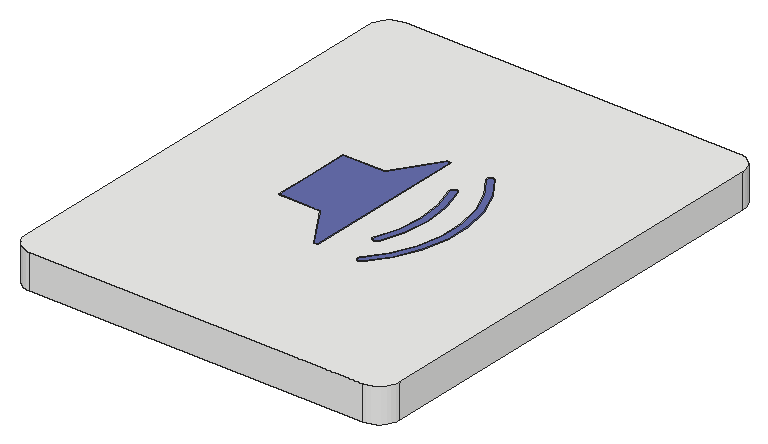
Revit family "Electronics_Masking-Generators_Biamp_Qt-Patient-Privacy-System_Privacy-Signs", category Communication Devices, host Face, Revit 2020
Family settings
  Host = Face
  Maintain Annotation Orientation = No
  Round Connector Dimension = Use Diameter
  Part Type = Normal
  OmniClass Number = 23.85.10.00
  OmniClass Title = General Information Systems
  Cut with Voids When Loaded = No
  Shared = No
  Room Calculation Point = No
Parameters (values of type "Privacy Sign Inside")
  Width = 3.54331"  # constant formula
  Weight = 0.10 lbf  # constant formula
  Version = 1
  URL = "https://www.biamp.com/"
  Product data url = "https://bimobject.com/biamp/product/qt-patient-privacy_masking-generator"
  Product Page URL = "https://www.biamp.com/products/product-families/cambridge/masking-generators#qt-patient-privacy"
  Product Documentation Link = "https://downloads.biamp.com/assets/docs/default-source/data-sheets/qt-patient-privacy-system-product-brief.pdf"
  Number of Connectors = "1"  # constant formula
  Model = "Privacy Sign Inside"
  Manufacturer = "Biamp"  # constant formula
  Input Voltage = "5VDC @ 75mA"  # constant formula
  Housing Material = Biamp - Plastic - White
  Height = 0.32283"  # constant formula
  Description = "QT® Patient Privacy System for Waiting Rooms, Exam Rooms, and Pharmacies"  # constant formula
  Depth = 4.44882"  # constant formula
  Default Elevation = 48"
  Date Updated = ""
  Date Created = "2023/08/21"
  Connector Type = "Spring-Loaded Push Terminals"  # constant formula
  Connector Description = "Spring-Loaded Push Terminals, 5VDC @ 75mA"  # constant formula
  Cable Type = "20AWG 2-Conductor Type CMP (Plenum)"  # constant formula
Types (3): name | Model
  (no name) | "Privacy Sign Inside"
  Privacy Sign Outside | "Privacy Sign Outside"
  Privacy Sign Inside | "Privacy Sign Inside"
Reference planes (in)
  plane 1 "Center (Front/Back)": y = 0
  plane 2: z = 0
  plane 3 "Center (Left/Right)": x = 0
Forms (in)
  Extrusion 1, solid, material "Biamp - Plastic - White" <- "Housing Material", detail levels medium+fine
    sketch origin (0, 0, 0) x (1, 0, 0) y (0, 1, 0)
      loop
        line (-1.77165, 2.02756) -> (-1.77165, -2.02756)
        arc (-1.77165, -2.02756) -> (-1.714, -2.16675) -> (-1.5748, -2.22441) r 0.19685
        line (-1.5748, -2.22441) -> (1.5748, -2.22441)
        arc (1.5748, -2.22441) -> (1.714, -2.16675) -> (1.77165, -2.02756) r 0.19685
        line (1.77165, -2.02756) -> (1.77165, 2.02756)
        arc (1.77165, 2.02756) -> (1.714, 2.16675) -> (1.5748, 2.22441) r 0.19685
        line (1.5748, 2.22441) -> (-1.5748, 2.22441)
        arc (-1.5748, 2.22441) -> (-1.714, 2.16675) -> (-1.77165, 2.02756) r 0.19685
    from 0 to 0.32283
  Extrusion 2, solid, material "Biamp - Plastic - White" <- "Housing Material", detail levels coarse
    sketch origin (0, 0, 0) x (1, 0, 0) y (0, 1, 0)
      loop
        line (-1.77165, 2.02756) -> (-1.77165, -2.02756)
        arc (-1.77165, -2.02756) -> (-1.714, -2.16675) -> (-1.5748, -2.22441) r 0.19685
        line (-1.5748, -2.22441) -> (1.5748, -2.22441)
        arc (1.5748, -2.22441) -> (1.714, -2.16675) -> (1.77165, -2.02756) r 0.19685
        line (1.77165, -2.02756) -> (1.77165, 2.02756)
        arc (1.77165, 2.02756) -> (1.714, 2.16675) -> (1.5748, 2.22441) r 0.19685
        line (1.5748, 2.22441) -> (-1.5748, 2.22441)
        arc (-1.5748, 2.22441) -> (-1.714, 2.16675) -> (-1.77165, 2.02756) r 0.19685
    from 0 to 0.32283
  Extrusion 3, void
    sketch origin (0, 0, 0.32283) x (1, 0, 0) y (0, 1, 0)
      loop
        line (0, 0.7874) -> (-0.03955, 0.7874) -> (-0.30264, 0.38228) -> (-0.69812, 0.38228) -> (-0.69812, 0) -> (-0.69812, -0.38228) -> (-0.30264, -0.38228) -> (-0.03955, -0.7874) -> (0, -0.7874) -> (0, 0.7874)
      loop
        arc (0.25987, -0.44051) -> (0.27797, -0.4847) -> (0.32226, -0.46682) r 0.03386
        arc (0.32226, -0.46682) -> (0.41792, 0) -> (0.32226, 0.46682) r 1.18686
        arc (0.32226, 0.46682) -> (0.27797, 0.4847) -> (0.25987, 0.44051) r 0.03386
        arc (0.25987, 0.44051) -> (0.34779, 0) -> (0.25987, -0.44051) r 1.14749
      loop
        arc (0.36775, -0.74509) -> (0.37103, -0.78903) -> (0.415, -0.78614) r 0.03129
        arc (0.415, -0.78614) -> (0.71269, 0) -> (0.415, 0.78614) r 1.18686
        arc (0.415, 0.78614) -> (0.37103, 0.78903) -> (0.36775, 0.74509) r 0.03129
        arc (0.36775, 0.74509) -> (0.64256, 0) -> (0.36775, -0.74509) r 1.14749
    from -0.02797 to 0
  Extrusion 4, solid, material "Biamp - Plastic - Blue", detail levels medium+fine
    sketch origin (0, 0, 0.32283) x (1, 0, 0) y (0, 1, 0)
      loop
        line (-0.30264, 0.38228) -> (-0.69812, 0.38228) -> (-0.69812, 0) -> (-0.69812, -0.38228) -> (-0.30264, -0.38228) -> (-0.03955, -0.7874) -> (0, -0.7874) -> (0, 0.7874) -> (-0.03955, 0.7874) -> (-0.30264, 0.38228)
      loop
        arc (0.32226, -0.46682) -> (0.41792, 0) -> (0.32226, 0.46682) r 1.18686
        arc (0.32226, 0.46682) -> (0.27797, 0.4847) -> (0.25987, 0.44051) r 0.03386
        arc (0.25987, 0.44051) -> (0.34779, 0) -> (0.25987, -0.44051) r 1.14749
        arc (0.25987, -0.44051) -> (0.27797, -0.4847) -> (0.32226, -0.46682) r 0.03386
      loop
        arc (0.415, -0.78614) -> (0.71269, 0) -> (0.415, 0.78614) r 1.18686
        arc (0.415, 0.78614) -> (0.37103, 0.78903) -> (0.36775, 0.74509) r 0.03129
        arc (0.36775, 0.74509) -> (0.64256, 0) -> (0.36775, -0.74509) r 1.14749
        arc (0.36775, -0.74509) -> (0.37103, -0.78903) -> (0.415, -0.78614) r 0.03129
    from -0.02797 to 0
  Extrusion 5, void
    sketch origin (0, 0, 0) x (0, 1, 0) y (1, 0, 0)
      loop
        circle (-1.48622, 0) r 0.19685
    from -0.06635 to 0
Cuts and joins
  Extrusion 3, Extrusion 5 cuts Extrusion 1
Lines and regions (in)
  Masking region 1, detail levels coarse
    outline origin (0, 0, 0) x (1, 0, 0) y (0, 1, 0)
      loop
        line (-1.77165, 2.02756) -> (-1.77165, -2.02756)
        arc (-1.77165, -2.02756) -> (-1.714, -2.16675) -> (-1.5748, -2.22441) r 0.19685
        line (-1.5748, -2.22441) -> (1.5748, -2.22441)
        arc (1.5748, -2.22441) -> (1.714, -2.16675) -> (1.77165, -2.02756) r 0.19685
        line (1.77165, -2.02756) -> (1.77165, 2.02756)
        arc (1.77165, 2.02756) -> (1.714, 2.16675) -> (1.5748, 2.22441) r 0.19685
        line (1.5748, 2.22441) -> (-1.5748, 2.22441)
        arc (-1.5748, 2.22441) -> (-1.714, 2.16675) -> (-1.77165, 2.02756) r 0.19685
  Masking region 2
    outline origin (0, 0, 0) x (1, 0, 0) y (0, 0, 1)
      loop
        line (-1.77165, 0.32283) -> (-1.77165, 0) -> (1.77165, 0) -> (1.77165, 0.32283) -> (-1.77165, 0.32283)
  Masking region 3, detail levels medium+fine
    outline origin (0, 0, 0) x (1, 0, 0) y (0, 1, 0)
      loop
        line (-1.77165, 2.02756) -> (-1.77165, -2.02756)
        arc (-1.77165, -2.02756) -> (-1.714, -2.16675) -> (-1.5748, -2.22441) r 0.19685
        line (-1.5748, -2.22441) -> (1.5748, -2.22441)
        arc (1.5748, -2.22441) -> (1.714, -2.16675) -> (1.77165, -2.02756) r 0.19685
        line (1.77165, -2.02756) -> (1.77165, 2.02756)
        arc (1.77165, 2.02756) -> (1.714, 2.16675) -> (1.5748, 2.22441) r 0.19685
        line (1.5748, 2.22441) -> (-1.5748, 2.22441)
        arc (-1.5748, 2.22441) -> (-1.714, 2.16675) -> (-1.77165, 2.02756) r 0.19685
  Masking region 4, detail levels medium+fine
    outline origin (0, 0, 0) x (1, 0, 0) y (0, 1, 0)
      loop
        line (-0.69812, 0.38228) -> (-0.69812, 0) -> (-0.69812, -0.38228) -> (-0.30264, -0.38228) -> (-0.03955, -0.7874) -> (0, -0.7874) -> (0, 0.7874) -> (-0.03955, 0.7874) -> (-0.30264, 0.38228) -> (-0.69812, 0.38228)
      loop
        arc (0.25987, 0.44051) -> (0.34779, 0) -> (0.25987, -0.44051) r 1.14749
        arc (0.25987, -0.44051) -> (0.27797, -0.4847) -> (0.32226, -0.46682) r 0.03386
        arc (0.32226, -0.46682) -> (0.41792, 0) -> (0.32226, 0.46682) r 1.18686
        arc (0.32226, 0.46682) -> (0.27797, 0.4847) -> (0.25987, 0.44051) r 0.03386
      loop
        arc (0.36775, 0.74509) -> (0.64256, 0) -> (0.36775, -0.74509) r 1.14749
        arc (0.36775, -0.74509) -> (0.37103, -0.78903) -> (0.415, -0.78614) r 0.03129
        arc (0.415, -0.78614) -> (0.71269, 0) -> (0.415, 0.78614) r 1.18686
        arc (0.415, 0.78614) -> (0.37103, 0.78903) -> (0.36775, 0.74509) r 0.03129
Dimensions and locks (in)
  aligned and locked: plane 2 to host face
  aligned and locked: level to host face
Connectors (in)
  electrical at (0, -1.48622, 0.06635), driven by "Connector Description"
    settings: on cut or joined group of Extrusion 1, Extrusion 3, Extrusion 5, index 1, voltage 0 V, apparent load 0 VA, apparent load phase1 0 VA, apparent load phase2 0 VA, apparent load phase3 0 VA, power factor 1, load classification "Other", number of poles 1, system type 5, power factor state 1, is connector primary yes, connector utility no, sub classification motor no, connector description "Spring-Loaded Push Terminals, 5VDC @ 75mA"
